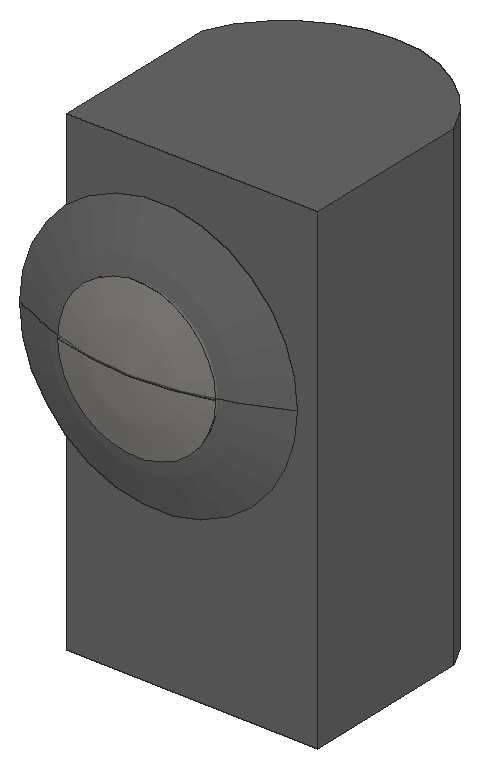
Revit family "SCP", category Communication Devices, host Face, Revit 2021
Family settings
  Host = Face
  Maintain Annotation Orientation = No
  Round Connector Dimension = Use Diameter
  Part Type = Normal
  OmniClass Number = 23.85.80.11.27
  OmniClass Title = Lighting Controls
  Cut with Voids When Loaded = No
  Shared = No
  Room Calculation Point = No
Parameters (values of type "SCP")
  URL = "https://www.currentlighting.com/aal"
  Sensor Position = Length - 1.850"  # 3.900"
  Product Page URL = ""
  Product Documentation Link = ""
  Model = "Sensor Control Programmable – SCP "  # constant formula
  Manufacturer = "Architectural Area Lighting"  # constant formula
  Length = 5.750"
  IP Rating = "IP66"
  Height [instance] = 120.000"
  Glass = Glass
  Finish = Black
  Features = "CA Title 24 Solution\r\n• Motion Sensing up to 40' mounting height\r\n• Daylight Photo Control\r\n• 0-10V Control Signal\r\n1. MODEL\r\nStandard daylight photo-control with motion\r\nsensing coverage up to 40' sensor height.\r\nSCP 120-277 VAC\r\nSCP-HV3 347 VAC\r\nSCP-HV4 480 VAC\r\n2. POLE\r\nThe SCP may be ordered as an accessory to\r\na configured pole or in the case of a stand\r\nalone unit, the pole contour must be\r\ncommunicated to the factory.\r\nR3 fits a 3\" / 76.2 mm round pole\r\nR4 fits a 4\" / 101.6 mm round pole\r\nR5 fits a 5\" / 127 mm round pole\r\nS fits a square pole\r\nModel Pole Color Remote\r\nSPECIFICATIONS\r\n• 20KV/10KA Surge Protection\r\n• Hand Held Remote Adjustment\r\n• For Round or Square Straight Poles\r\n• AAL Poles include wire and mounting holes"
  Description = "AAL's Sensor Control Programmable (SCP) accessory enables dimmable pole mounted luminaires to meet CA Title 24 requirements. The SCP is field-adjustable for post installation tuning, and is compatible with straight round poles, straight square poles, and fluted poles."  # constant formula
  Default Elevation = 48.000"
  Copyright = "©Architectural Area Lighting "  # constant formula
  Contact us = ""
  Certification = "All electrical components shall be U.L.\r\nrecognized"  # constant formula
  Assembly Code = "D5020280"
Types (2): name | Sensor Position | Length
  SCP | 3.900" | 5.750"
  SCP-HV3/SCP-HV4 | 9.150" | 11.000"
Reference planes (in)
  plane 1 "Center (Front/Back)": y = 0
  plane 2: z = 0
  plane 3 "Center (Left/Right)": x = 0
  plane 4: z = 3.9
  plane 5: x = -1.5
  plane 6: x = 1.5
  plane 7: y = -2
  plane 8: y = 2
  plane 9: z = 5.75
Forms (in)
  Extrusion 1, solid, material "Black" <- "Finish"
    sketch origin (0, 0, 0) x (1, 0, 0) y (0, 1, 0)
      loop
        line (-1.5, -1.03059) -> (1.5, -1.03059) -> (1.5, 1)
        arc (1.5, 1) -> (0, 2) -> (-1.5, 1) r 1.625
        line (-1.5, 1) -> (-1.5, -1.03059)
    from 0 to 5.75
  Blend 2, solid, material "Black" <- "Finish"
    base sketch origin (0, 0, 0) x (1, 0, 0) y (0, 0, 1)
      loop
        circle (0, 3.9) r 1.35
    top sketch origin (0, 0, 0) x (1, 0, 0) y (0, 0, 1)
      loop
        circle (0, 3.9) r 0.85
    from 1.45961 to 1.03059
  Extrusion 3, solid, material "Black" <- "Finish"
    sketch origin (0, 0, 0) x (1, 0, 0) y (0, 0, 1)
      loop
        circle (0, 3.9) r 1.5
    from 1.45961 to 1.56
  Revolve 4, solid, material "Black" <- "Finish"
    sketch origin (0, 0, 3.9) x (1, 0, 0) y (0, 1, 0)
      loop
        line (1.5, -1.5414) -> (0, -1.5414) -> (0, -2)
        arc (0, -2) -> (0.85348, -1.86179) -> (1.65652, -1.5414) r 3.95459
        line (1.65652, -1.5414) -> (1.5, -1.5414)
      axis (0, -1.5414) -> (0, -2)
    angle from 0 to 360
  Revolve 5, solid, material "Glass" <- "Glass"
    sketch origin (0, 0, 3.9) x (1, 0, 0) y (0, 1, 0)
      loop
        line (0.94675, -1.86104) -> (0.92875, -1.80211)
        arc (0.92875, -1.80211) -> (0.4715, -1.92437) -> (0, -1.96587) r 2.73173
        line (0, -1.96587) -> (0, -2.01)
        arc (0, -2.01) -> (0.47861, -1.96879) -> (0.94675, -1.86104) r 3.42627
      axis (0, -1.80211) -> (0, -2.01)
    angle from 0 to 360
Dimensions and locks (in)
  locked: host sketch curve to host sketch curve at 48  (x2)
  equal spacing: host sketch curve, plane 3 "Center (Left/Right)", host sketch curve
  equal spacing: host sketch curve, plane 1 "Center (Front/Back)", host sketch curve
  plane 3 "Center (Left/Right)" to host sketch curve = 24.000"
  plane 1 "Center (Front/Back)" to host sketch curve = 24.000"
  "Length": plane 9 to plane 2
  "Sensor Position": plane 4 to plane 2
  aligned and locked: plane 2 to host face
  aligned and locked: level to host face
  aligned and locked: plane 4 to Revolve 5  (x4)
  aligned and locked: plane 4 to Revolve 4  (x2)
  aligned and locked: plane 4 to Extrusion 3  (x2)
  aligned and locked: plane 4 to Blend 2  (x4)
  aligned and locked: plane 9 to Extrusion 1
Automatic sketch dimensions
  Extrusion 1 sketch curve to plane 5 = 0.000"
  Extrusion 1 sketch curve to plane 3 "Center (Left/Right)" = 0.000"
  Extrusion 1 sketch curve to plane 6 = 0.000"
  Extrusion 1 sketch curve to plane 7 = 0.96941"
  Extrusion 1 sketch curve to plane 1 "Center (Front/Back)" = 0.375"
  Extrusion 1 sketch curve to plane 1 "Center (Front/Back)" = 1.000"
  Blend 2 sketch curve to plane 3 "Center (Left/Right)" = 0.000"  (x2)
  Blend 2 sketch curve to plane 4 = 0.000"  (x2)
  Extrusion 3 sketch curve to plane 3 "Center (Left/Right)" = 0.000"
  Extrusion 3 sketch curve to plane 4 = 0.000"
  Revolve 4 sketch curve to plane 3 "Center (Left/Right)" = 0.000"  (x2)
  Revolve 4 sketch curve to plane 6 = 0.000"
  plane 7 to Revolve 4 sketch curve = 0.000"
  plane 8 to Revolve 4 sketch curve = 0.05055"
  Revolve 4 sketch curve to plane 3 "Center (Left/Right)" = 0.20164"
  plane 6 to Revolve 4 sketch curve = 0.15652"
  Revolve 4 sketch curve to Revolve 4 sketch curve = 2.500"
  Revolve 4 sketch curve to plane 8 = 1.500"
  Revolve 5 sketch curve to plane 3 "Center (Left/Right)" = 0.000"  (x2)
  Revolve 5 sketch curve to plane 3 "Center (Left/Right)" = 0.00286"
  Revolve 5 sketch curve to plane 3 "Center (Left/Right)" = 0.05392"
  Revolve 5 sketch curve to plane 7 = 0.19789"
  Revolve 5 sketch curve to plane 6 = 0.57125"
  Revolve 5 sketch curve to plane 7 = 0.13896"
  Revolve 5 sketch curve to Revolve 5 sketch curve = 0.018"
  Revolve 5 sketch curve to Revolve 5 sketch curve = 0.16376"
  Revolve 5 sketch curve to Revolve 5 sketch curve = 0.04413"
  Revolve 5 sketch curve to Revolve 5 sketch curve = 1.16573"
  Revolve 5 sketch curve to plane 8 = 0.250"
  radius of Blend 2 sketch curve = 1.350"
  radius of Blend 2 sketch curve = 0.850"
  radius of Extrusion 3 sketch curve = 1.500"
Connectors (in)
  electrical at (0, -0.0153, 5.75)
    settings: on Extrusion 1, index 1, voltage 0 V, apparent load 0 VA, apparent load phase1 0 VA, apparent load phase2 0 VA, apparent load phase3 0 VA, power factor 1, load classification "Other", number of poles 1, system type 14, power factor state 1, is connector primary yes, connector utility no, sub classification motor no, connector description "Sensor Control Programmable"
